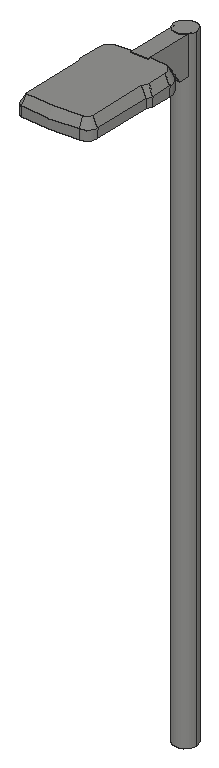
Revit family "VP-2-AD_U", category Lighting Fixtures, host Face, Revit 2019
Family settings
  Host = Face
  Round Connector Dimension = Use Diameter
  Part Type = Normal
  OmniClass Number = 23.80.70.11.14.17
  OmniClass Title = Direct/Indirect
  Cut with Voids When Loaded = No
  Light Source = No
  Shared = Yes
  Room Calculation Point = No
Parameters (values of type "VP-2-AD4U")
  Wattage Comments = "168 W"  # constant formula
  Warranty = "Five year warranty"  # constant formula
  Voltage = 120 V
  URL = "https://www.currentlighting.com/beacon"
  Type Comments = "Lighting Fixture"  # constant formula
  Size-2 = SIZE2-ADU : SIZE2-ADU
  Product Page URL = "https://www.currentlighting.com/outdoor-lighting/viper-area-size-2/9606404"
  Product Documentation Link = "https://cdn.currentlighting.com/site/specsheet/BEA_VIPERSPEC.pdf"
  Power Factor = 0.9
  Pole Radius [instance] = Pole Size / 2  # 2.09"
  Pole Height [instance] = 120.00"
  Name = "Viper Area Size 2"  # constant formula
  Mounting Block Size [instance] = Pole Size - 1.00"  # 3.18"
  Model = "VP-1-AD4U"
  Matt Grey = MATT GREY
  Matt Black = Matt Black
  Manufacturer = "Current Lighting"  # constant formula
  Load Classification = Lighting
  Light Output = 12704.00 cd/m²
  Lamp = "LED"  # constant formula
  Grey = Grey
  Glass = Glass
  Pole Size [instance] = 4.18"
  Features = "Featuring two different optical technologies, Micro Strike and Strike Optics, which provide the best distribution patterns for retrofit or new construction\r\nVibration rated for high vibration applications including bridges and overpasses\r\nControl options including photo control, occupancy sensing, NX Lighting Controls, wiSCAPE and 7-Pin with networked controls\r\nMounting options include: Arm, Universal Arm, Adjustable Arm, Mast Arm, Decorative Arm, Knuckle, Trunnion, Wall\r\nDistribution options include: Auto Front Row, Type 2, Type 3, Type 4 Forward, Type 4 Wide, Type 5 Narrow, Type 5 Medium, Type 5 Wide, Type 5 Rectangular, Corner Optic, and Tennis Court\r\n\r\n"  # constant formula
  Copyright = "© 2022 Current Lighting"  # constant formula
  Cool Grey = Cool Grey
  Contact Us = "https://www.currentlighting.com/contact-us"
  Certification = "UL"  # constant formula
  Description = "The Viper is an extremely versatile area/site luminaire which blends design, performance, and technology for a variety of applications."  # constant formula
  Default Elevation = 48.00"
  Finish = Arctic White
  Matt White = Matt White
  CRI = "70"  # constant formula
  Brand = "Beacon"  # constant formula
  Assembly Code = "D5020200"
  Apparent Load = 168 VA  # constant formula
Reference planes (in)
  plane 1 "Center (Front/Back)": y = 6.16697
  plane 2: z = 0
  plane 3 "Center (Left/Right)": x = 0
  plane 4: z = 3.75
  plane 5: z = -4.44
  plane 6: x = -2.09
  plane 7: x = 2.09
  plane 8: y = 4.07697
  plane 9: y = 8.25697
  plane 10: z = 120
Forms (in)
  Extrusion 1, solid, material "Cool Grey" <- "Cool Grey"
    sketch origin (0, 0, 0) x (1, 0, 0) y (0, 1, 0)
      loop
        circle (0, 6.16697) r 2.09
    from 0 to 120
Lines and regions (in)
  reference lines
    curve 1: line (0, 14.76606, -3.25) -> (0, 17.76606, -0.25)
    curve 2: line (0, -2.43213, -3.25) -> (0, 14.76606, -3.25)
    curve 3: line (0, -5.43213, -0.25) -> (0, -2.43213, -3.25)
    curve 4: line (0, 14.76606, -3.25) -> (0, 17.76606, -0.25)
    curve 5: line (0, -5.43213, -0.25) -> (0, 17.76606, -0.25)
    curve 6: line (0, 17.51606, -0.77432) -> (0, 18.26606, -0.77432)
    curve 7: line (0, 17.51606, -1.52432) -> (0, 17.51606, -0.77432)
    curve 8: line (0, 17.03614, -1.52432) -> (0, 17.51606, -1.52432)
    curve 9: line (0, 15.26606, -4.25) -> (0, 17.03614, -1.52432)
    curve 10: line (0, -4.7022, -1.52432) -> (0, -2.93213, -4.25)
    curve 11: line (0, -5.18213, -1.52432) -> (0, -4.7022, -1.52432)
    curve 12: line (0, -5.18213, -0.77432) -> (0, -5.18213, -1.52432)
    curve 13: line (0, -5.93213, -0.77432) -> (0, -5.18213, -0.77432)
Dimensions and locks (in)
  plane 4 to plane 2 = 3.75"
  "Pole Size": plane 8 to plane 9
  equal spacing: plane 8, plane 1 "Center (Front/Back)", plane 9
  equal spacing: plane 6, plane 3 "Center (Left/Right)", plane 7
  "Pole Size": plane 6 to plane 7
  "Pole Height": plane 10 to plane 2
  "Pole Radius": radius of Extrusion 1 sketch curve
  aligned and locked: plane 2 to host face
  aligned and locked: level to host face
  aligned and locked: plane 10 to Extrusion 1
  aligned and locked: plane 3 "Center (Left/Right)" to nested 1
  aligned and locked: nested 1 to plane 10
Automatic sketch dimensions
  host sketch curve to host sketch curve = 96.00"
  host sketch curve to host sketch curve = 85.00"
  curve 3 to level = 0.25"
  plane 8 to curve 3 = 9.50909"
  curve 3 to curve 12 = 0.25"
  curve 11 to curve 11 = 0.47992"
  curve 2 to plane 5 = 1.19"
  curve 10 to curve 2 = 2.27008"
  curve 1 to plane 9 = 6.50909"
  curve 9 to level = 1.52432"
  curve 1 to curve 9 = 2.27008"
  curve 8 to curve 8 = 0.47992"
  curve 6 to curve 4 = 0.25"
  curve 10 to curve 3 = 1.27432"
  curve 7 to curve 1 = 0.52432"
  curve 12 to curve 3 = 0.52432"
  curve 13 to curve 3 = 0.50"
  curve 10 to plane 5 = 0.19"
  curve 10 to curve 2 = 0.50"
  curve 9 to plane 5 = 0.19"
  curve 1 to curve 9 = 0.50"
  curve 1 to curve 6 = 0.50"
  plane 1 "Center (Front/Back)" to Extrusion 1 sketch curve = 0.00"
  Extrusion 1 sketch curve to plane 3 "Center (Left/Right)" = 0.00"
Nested families (in)
  nested 1: "SIZE2-ADU" at (0, 4.07697, 118.26) x (1, 0, 0) z (0, -1, 0), type <- "Size-2", type "SIZE2-ADU"
    with Mounting Base Width 3.18"
Connectors (in)
  electrical at (0, 6.16697, 0), driven by "Power Factor", driven by "Apparent Load", driven by "Voltage"
    settings: on Extrusion 1, index 1, voltage 120 V, apparent load 168 VA, apparent load phase1 0 VA, apparent load phase2 0 VA, apparent load phase3 0 VA, power factor 0.9, load classification "Other", number of poles 1, system type 30, power factor state 1, is connector primary yes, connector utility no, sub classification motor no, connector description "Light Fixture"
Definition of nested family "SIZE2-ADU"
  Parameters (values of type "SIZE2-ADU")
    Width = 14.38"
    Wattage = 168 W
    built-in parameter 1150110 = 1 (stored number, unit not read)
    built-in parameter 1114217 = 1 (stored number, unit not read)
    Tilt Angle = 160.00°
    built-in parameter 1150109 = 1 (stored number, unit not read)
    built-in parameter 1150134 = 3
    built-in parameter 1150113 = 1 (stored number, unit not read)
    Photometric Web File = "VP-2-320L-170-3K7-4-BC.ies"
    Mounting Base Width = 3.00"
    Mount Length = 7.50"
    built-in parameter 1150105 = 1016 (stored number, unit not read)
    Lumens = 12768 lm
    built-in parameter 1150115 = 1 (stored number, unit not read)
    built-in parameter 1150137 = (empty or 0)
    built-in parameter 1150139 = (empty or 0)
    Length = 21.88"
    built-in parameter 1150112 = 1 (stored number, unit not read)
    built-in parameter 1150114 = 1 (stored number, unit not read)
    built-in parameter 1150132 = (empty or 0)
    built-in parameter 1150102 = (empty or 0)
    built-in parameter 1150107 = 3200 (stored number, unit not read)
    built-in parameter 1150138 = (empty or 0)
    built-in parameter 1150106 = 10.16 (stored number, unit not read)
    Glass = none
    Fixture = none
    built-in parameter 1150104 = 7.0606 (stored number, unit not read)
    Dimming Lamp Color Temperature Shift = (empty or 0)
    Default Elevation = 48.00"
    Color Filter = 16777215
    built-in parameter 1114218 = 1 (stored number, unit not read)
    built-in parameter 1150133 = 10 (stored number, unit not read)
  Reference planes (in)
    plane 1 "Center (Front/Back)": y = 0
    plane 2: z = 0
    plane 3 "Center (Left/Right)": x = 0
    plane 4: x = 7.19
    plane 5: x = -7.19
    plane 6: z = 7.5
    plane 7: z = 29.38
    plane 8: y = -1.74
    plane 9: y = 1.74
    plane 10: x = -1.5
    plane 11: x = 1.5
  Forms (in)
    Extrusion 1, solid
      sketch origin (0, 0, 0) x (1, 0, 0) y (0, 1, 0)
        loop
          line (-48, 48) -> (-48, -48) -> (48, -48) -> (48, 48) -> (-48, 48)
      from 0 to -12
    Extrusion 2, solid, material <- "Fixture"
      sketch origin (0, 0, 2.5) x (1, 0, 0) y (0, 0, 1)
        loop
          line (-6.90972, 13.22202) -> (-7.315, 12.17799) -> (-7.315, 8.14521)
          arc (-7.315, 8.14521) -> (-6.65907, 6.18733) -> (-4.95604, 5.01974) r 3.25
          arc (-4.95604, 5.01974) -> (0, 4.60164) -> (4.95604, 5.01974) r 29.58274
          arc (4.95604, 5.01974) -> (6.65907, 6.18733) -> (7.315, 8.14521) r 3.25
          line (7.315, 8.14521) -> (7.315, 12.17799) -> (6.8775, 13.30502) -> (6.8775, 24.46879)
          arc (6.8775, 24.46879) -> (6.31653, 25.85775) -> (4.9483, 26.46754) r 2
          arc (4.9483, 26.46754) -> (-0.47287, 26.80918) -> (-5.88692, 26.36884) r 37.73107
          arc (-5.88692, 26.36884) -> (-6.62058, 25.93919) -> (-6.90972, 25.13966) r 1.25
          line (-6.90972, 25.13966) -> (-6.90972, 13.22202)
      from 0 to 1.74
    Extrusion 3, void
      sketch origin (0, 0, 3.625) x (1, 0, 0) y (0, 0, 1)
        loop
          line (-5.94707, 9.88637) -> (-5.94707, 8.88637)
          arc (-5.94707, 8.88637) -> (-0.00354, 7.88584) -> (5.94, 8.88637) r 18.15382
          line (5.94, 8.88637) -> (5.94, 9.88637)
          arc (5.94, 9.88637) -> (-0.00354, 8.88584) -> (-5.94707, 9.88637) r 18.15382
        loop
          line (-5.85535, 7.87828) -> (-5.85535, 7.60486)
          arc (-5.85535, 7.60486) -> (0.0002, 6.63584) -> (5.85535, 7.60727) r 18.15382
          line (5.85535, 7.60727) -> (5.85535, 7.88068)
          arc (5.85535, 7.88068) -> (0.0002, 6.91466) -> (-5.85535, 7.87828) r 18.25
        loop
          line (-5.85535, 7.12828) -> (-5.85535, 6.85486)
          arc (-5.85535, 6.85486) -> (0.0002, 5.88584) -> (5.85535, 6.85727) r 18.15382
          line (5.85535, 6.85727) -> (5.85535, 7.13068)
          arc (5.85535, 7.13068) -> (0.0002, 6.16466) -> (-5.85535, 7.12828) r 18.25
      from 1 to 1.75
    Blend 4, solid, material <- "Fixture"
      base sketch origin (0, 0, 2.5) x (1, 0, 0) y (0, 0, 1)
        loop
          arc (6.8775, 24.46879) -> (6.31653, 25.85775) -> (4.9483, 26.46754) r 2
          arc (4.9483, 26.46754) -> (-0.47287, 26.80918) -> (-5.88692, 26.36884) r 37.73107
          arc (-5.88692, 26.36884) -> (-6.62058, 25.93919) -> (-6.90972, 25.13966) r 1.25
          line (-6.90972, 25.13966) -> (-6.90972, 13.22202) -> (-7.315, 12.17799) -> (-7.315, 8.14521)
          arc (-7.315, 8.14521) -> (-6.65907, 6.18733) -> (-4.95604, 5.01974) r 3.25
          arc (-4.95604, 5.01974) -> (0, 4.60164) -> (4.95604, 5.01974) r 29.58274
          arc (4.95604, 5.01974) -> (6.65907, 6.18733) -> (7.315, 8.14521) r 3.25
          line (7.315, 8.14521) -> (7.315, 12.17799) -> (6.8775, 13.30502) -> (6.8775, 24.46879)
      top sketch origin (0, 0, 2.5) x (1, 0, 0) y (0, 0, 1)
        loop
          arc (5.8775, 24.46879) -> (5.58249, 25.17801) -> (4.87152, 25.46878) r 1
          arc (4.87152, 25.46878) -> (-0.42416, 25.80959) -> (-5.71369, 25.38377) r 36.73111
          arc (-5.71369, 25.38377) -> (-5.85465, 25.2962) -> (-5.90972, 25.13966) r 0.25
          line (-5.90972, 25.13966) -> (-5.90972, 13.03474) -> (-6.315, 11.99071) -> (-6.315, 8.14521)
          arc (-6.315, 8.14521) -> (-5.87115, 6.80345) -> (-4.71471, 5.99106) r 2.25
          arc (-4.71471, 5.99106) -> (0, 5.59956) -> (4.71471, 5.99106) r 28.58482
          arc (4.71471, 5.99106) -> (5.87115, 6.80345) -> (6.315, 8.14521) r 2.25
          line (6.315, 8.14521) -> (6.315, 11.99071) -> (5.8775, 13.11774) -> (5.8775, 24.46879)
      from 0 to -1.74
    Extrusion 5, void
      sketch origin (0, 0, 2.5) x (1, 0, 0) y (0, 0, 1)
        loop
          arc (-5.91108, 12.63948) -> (0.07704, 12.98149) -> (6.065, 12.63674) r 52.38328
          line (6.065, 12.63674) -> (6.065, 24.56182) -> (-5.91108, 24.56182) -> (-5.91108, 12.63948)
      from 1 to 1.75
    Extrusion 6, solid, material <- "Glass"
      sketch origin (0, 0, 2.25) x (1, 0, 0) y (0, 0, 1)
        loop
          arc (-5.06487, 24.56182) -> (-5.31236, 24.45931) -> (-5.41487, 24.21182) r 0.35
          line (-5.41487, 24.21182) -> (-5.41487, 19.16182)
          arc (-5.41487, 19.16182) -> (-5.31236, 18.91434) -> (-5.06487, 18.81182) r 0.35
          line (-5.06487, 18.81182) -> (5.11803, 18.81182)
          arc (5.11803, 18.81182) -> (5.36552, 18.91434) -> (5.46803, 19.16182) r 0.35
          line (5.46803, 19.16182) -> (5.46803, 24.21182)
          arc (5.46803, 24.21182) -> (5.36552, 24.45931) -> (5.11803, 24.56182) r 0.35
          line (5.11803, 24.56182) -> (-5.06487, 24.56182)
      from 1 to 1.35
    Extrusion 7, solid, material <- "Glass"
      sketch origin (0, 0, 2.25) x (1, 0, 0) y (0, 0, 1)
        loop
          circle (-4.85829, 23.73694) r 0.15
        loop
          circle (-4.33955, 23.73694) r 0.15
        loop
          circle (-3.8208, 23.73694) r 0.15
        loop
          circle (-3.30205, 23.73694) r 0.15
        loop
          circle (-2.7833, 23.73694) r 0.15
        loop
          circle (-2.26455, 23.73694) r 0.15
        loop
          circle (-1.7458, 23.73694) r 0.15
        loop
          circle (-1.22705, 23.73694) r 0.15
        loop
          circle (-0.70831, 23.73694) r 0.15
        loop
          circle (-4.85829, 23.23694) r 0.15
        loop
          circle (-4.33955, 23.23694) r 0.15
        loop
          circle (-3.8208, 23.23694) r 0.15
        loop
          circle (-3.30205, 23.23694) r 0.15
        loop
          circle (-2.7833, 23.23694) r 0.15
        loop
          circle (-2.26455, 23.23694) r 0.15
        loop
          circle (-1.7458, 23.23694) r 0.15
        loop
          circle (-1.22705, 23.23694) r 0.15
        loop
          circle (-0.70831, 23.23694) r 0.15
        loop
          circle (-4.85829, 22.73694) r 0.15
        loop
          circle (-4.33955, 22.73694) r 0.15
        loop
          circle (-3.8208, 22.73694) r 0.15
        loop
          circle (-3.30205, 22.73694) r 0.15
        loop
          circle (-2.7833, 22.73694) r 0.15
        loop
          circle (-2.26455, 22.73694) r 0.15
        loop
          circle (-1.7458, 22.73694) r 0.15
        loop
          circle (-1.22705, 22.73694) r 0.15
        loop
          circle (-0.70831, 22.73694) r 0.15
        loop
          circle (-4.85829, 22.23694) r 0.15
        loop
          circle (-4.33955, 22.23694) r 0.15
        loop
          circle (-3.8208, 22.23694) r 0.15
        loop
          circle (-3.30205, 22.23694) r 0.15
        loop
          circle (-2.7833, 22.23694) r 0.15
        loop
          circle (-2.26455, 22.23694) r 0.15
        loop
          circle (-1.7458, 22.23694) r 0.15
        loop
          circle (-1.22705, 22.23694) r 0.15
        loop
          circle (-0.70831, 22.23694) r 0.15
        loop
          circle (-4.85829, 21.73694) r 0.15
        loop
          circle (-4.33955, 21.73694) r 0.15
        loop
          circle (-3.8208, 21.73694) r 0.15
        loop
          circle (-3.30205, 21.73694) r 0.15
        loop
          circle (-2.7833, 21.73694) r 0.15
        loop
          circle (-2.26455, 21.73694) r 0.15
        loop
          circle (-1.7458, 21.73694) r 0.15
        loop
          circle (-1.22705, 21.73694) r 0.15
        loop
          circle (-0.70831, 21.73694) r 0.15
        loop
          circle (-4.85829, 21.23694) r 0.15
        loop
          circle (-4.33955, 21.23694) r 0.15
        loop
          circle (-3.8208, 21.23694) r 0.15
        loop
          circle (-3.30205, 21.23694) r 0.15
        loop
          circle (-2.7833, 21.23694) r 0.15
        loop
          circle (-2.26455, 21.23694) r 0.15
        loop
          circle (-1.7458, 21.23694) r 0.15
        loop
          circle (-1.22705, 21.23694) r 0.15
        loop
          circle (-0.70831, 21.23694) r 0.15
        loop
          circle (-4.85829, 20.73694) r 0.15
        loop
          circle (-4.33955, 20.73694) r 0.15
        loop
          circle (-3.8208, 20.73694) r 0.15
        loop
          circle (-3.30205, 20.73694) r 0.15
        loop
          circle (-2.7833, 20.73694) r 0.15
        loop
          circle (-2.26455, 20.73694) r 0.15
        loop
          circle (-1.7458, 20.73694) r 0.15
        loop
          circle (-1.22705, 20.73694) r 0.15
        loop
          circle (-0.70831, 20.73694) r 0.15
        loop
          circle (-4.85829, 20.23694) r 0.15
        loop
          circle (-4.33955, 20.23694) r 0.15
        loop
          circle (-3.8208, 20.23694) r 0.15
        loop
          circle (-3.30205, 20.23694) r 0.15
        loop
          circle (-2.7833, 20.23694) r 0.15
        loop
          circle (-2.26455, 20.23694) r 0.15
        loop
          circle (-1.7458, 20.23694) r 0.15
        loop
          circle (-1.22705, 20.23694) r 0.15
        loop
          circle (-0.70831, 20.23694) r 0.15
        loop
          circle (-4.85829, 19.73694) r 0.15
        loop
          circle (-4.33955, 19.73694) r 0.15
        loop
          circle (-3.8208, 19.73694) r 0.15
        loop
          circle (-3.30205, 19.73694) r 0.15
        loop
          circle (-2.7833, 19.73694) r 0.15
        loop
          circle (-2.26455, 19.73694) r 0.15
        loop
          circle (-1.7458, 19.73694) r 0.15
        loop
          circle (-1.22705, 19.73694) r 0.15
        loop
          circle (-0.70831, 19.73694) r 0.15
      from 1.35 to 1.4
    Extrusion 8, solid, material <- "Glass"
      sketch origin (0, 0, 2.25) x (-1, 0, 0) y (0, 0, -1)
        loop
          circle (-4.85829, -23.73694) r 0.15
        loop
          circle (-4.33955, -23.73694) r 0.15
        loop
          circle (-3.8208, -23.73694) r 0.15
        loop
          circle (-3.30205, -23.73694) r 0.15
        loop
          circle (-2.7833, -23.73694) r 0.15
        loop
          circle (-2.26455, -23.73694) r 0.15
        loop
          circle (-1.7458, -23.73694) r 0.15
        loop
          circle (-1.22705, -23.73694) r 0.15
        loop
          circle (-0.70831, -23.73694) r 0.15
        loop
          circle (-4.85829, -23.23694) r 0.15
        loop
          circle (-4.33955, -23.23694) r 0.15
        loop
          circle (-3.8208, -23.23694) r 0.15
        loop
          circle (-3.30205, -23.23694) r 0.15
        loop
          circle (-2.7833, -23.23694) r 0.15
        loop
          circle (-2.26455, -23.23694) r 0.15
        loop
          circle (-1.7458, -23.23694) r 0.15
        loop
          circle (-1.22705, -23.23694) r 0.15
        loop
          circle (-0.70831, -23.23694) r 0.15
        loop
          circle (-4.85829, -22.73694) r 0.15
        loop
          circle (-4.33955, -22.73694) r 0.15
        loop
          circle (-3.8208, -22.73694) r 0.15
        loop
          circle (-3.30205, -22.73694) r 0.15
        loop
          circle (-2.7833, -22.73694) r 0.15
        loop
          circle (-2.26455, -22.73694) r 0.15
        loop
          circle (-1.7458, -22.73694) r 0.15
        loop
          circle (-1.22705, -22.73694) r 0.15
        loop
          circle (-0.70831, -22.73694) r 0.15
        loop
          circle (-4.85829, -22.23694) r 0.15
        loop
          circle (-4.33955, -22.23694) r 0.15
        loop
          circle (-3.8208, -22.23694) r 0.15
        loop
          circle (-3.30205, -22.23694) r 0.15
        loop
          circle (-2.7833, -22.23694) r 0.15
        loop
          circle (-2.26455, -22.23694) r 0.15
        loop
          circle (-1.7458, -22.23694) r 0.15
        loop
          circle (-1.22705, -22.23694) r 0.15
        loop
          circle (-0.70831, -22.23694) r 0.15
        loop
          circle (-4.85829, -21.73694) r 0.15
        loop
          circle (-4.33955, -21.73694) r 0.15
        loop
          circle (-3.8208, -21.73694) r 0.15
        loop
          circle (-3.30205, -21.73694) r 0.15
        loop
          circle (-2.7833, -21.73694) r 0.15
        loop
          circle (-2.26455, -21.73694) r 0.15
        loop
          circle (-1.7458, -21.73694) r 0.15
        loop
          circle (-1.22705, -21.73694) r 0.15
        loop
          circle (-0.70831, -21.73694) r 0.15
        loop
          circle (-4.85829, -21.23694) r 0.15
        loop
          circle (-4.33955, -21.23694) r 0.15
        loop
          circle (-3.8208, -21.23694) r 0.15
        loop
          circle (-3.30205, -21.23694) r 0.15
        loop
          circle (-2.7833, -21.23694) r 0.15
        loop
          circle (-2.26455, -21.23694) r 0.15
        loop
          circle (-1.7458, -21.23694) r 0.15
        loop
          circle (-1.22705, -21.23694) r 0.15
        loop
          circle (-0.70831, -21.23694) r 0.15
        loop
          circle (-4.85829, -20.73694) r 0.15
        loop
          circle (-4.33955, -20.73694) r 0.15
        loop
          circle (-3.8208, -20.73694) r 0.15
        loop
          circle (-3.30205, -20.73694) r 0.15
        loop
          circle (-2.7833, -20.73694) r 0.15
        loop
          circle (-2.26455, -20.73694) r 0.15
        loop
          circle (-1.7458, -20.73694) r 0.15
        loop
          circle (-1.22705, -20.73694) r 0.15
        loop
          circle (-0.70831, -20.73694) r 0.15
        loop
          circle (-4.85829, -20.23694) r 0.15
        loop
          circle (-4.33955, -20.23694) r 0.15
        loop
          circle (-3.8208, -20.23694) r 0.15
        loop
          circle (-3.30205, -20.23694) r 0.15
        loop
          circle (-2.7833, -20.23694) r 0.15
        loop
          circle (-2.26455, -20.23694) r 0.15
        loop
          circle (-1.7458, -20.23694) r 0.15
        loop
          circle (-1.22705, -20.23694) r 0.15
        loop
          circle (-0.70831, -20.23694) r 0.15
        loop
          circle (-4.85829, -19.73694) r 0.15
        loop
          circle (-4.33955, -19.73694) r 0.15
        loop
          circle (-3.8208, -19.73694) r 0.15
        loop
          circle (-3.30205, -19.73694) r 0.15
        loop
          circle (-2.7833, -19.73694) r 0.15
        loop
          circle (-2.26455, -19.73694) r 0.15
        loop
          circle (-1.7458, -19.73694) r 0.15
        loop
          circle (-1.22705, -19.73694) r 0.15
        loop
          circle (-0.70831, -19.73694) r 0.15
      from 1.35 to 1.4
    Extrusion 9, solid, material <- "Glass"
      sketch origin (0, 0, 2.25) x (1, 0, 0) y (0, 0, 1)
        loop
          arc (-5.04655, 24.2409) -> (-5.22333, 24.16768) -> (-5.29655, 23.9909) r 0.25
          line (-5.29655, 23.9909) -> (-5.29655, 19.4909)
          arc (-5.29655, 19.4909) -> (-5.22333, 19.31412) -> (-5.04655, 19.2409) r 0.25
          line (-5.04655, 19.2409) -> (-0.54655, 19.2409)
          arc (-0.54655, 19.2409) -> (-0.36977, 19.31412) -> (-0.29655, 19.4909) r 0.25
          line (-0.29655, 19.4909) -> (-0.29655, 23.9909)
          arc (-0.29655, 23.9909) -> (-0.36977, 24.16768) -> (-0.54655, 24.2409) r 0.25
          line (-0.54655, 24.2409) -> (-5.04655, 24.2409)
      from 1.35 to 1.37213
    Extrusion 10, solid, material <- "Glass"
      sketch origin (0, 0, 2.25) x (-1, 0, 0) y (0, 0, -1)
        loop
          line (-5.04655, -24.2409) -> (-0.54655, -24.2409)
          arc (-0.54655, -24.2409) -> (-0.36977, -24.16768) -> (-0.29655, -23.9909) r 0.25
          line (-0.29655, -23.9909) -> (-0.29655, -19.4909)
          arc (-0.29655, -19.4909) -> (-0.36977, -19.31412) -> (-0.54655, -19.2409) r 0.25
          line (-0.54655, -19.2409) -> (-5.04655, -19.2409)
          arc (-5.04655, -19.2409) -> (-5.22333, -19.31412) -> (-5.29655, -19.4909) r 0.25
          line (-5.29655, -19.4909) -> (-5.29655, -23.9909)
          arc (-5.29655, -23.9909) -> (-5.22333, -24.16768) -> (-5.04655, -24.2409) r 0.25
      from 1.35 to 1.37213
    Extrusion 11, solid, material <- "Fixture"
      sketch origin (0.125, 0, 2.125) x (1, 0, 0) y (0, 1, 0)
        loop
          line (5.34818, -1) -> (5.34818, -1.20146)
          arc (5.34818, -1.20146) -> (5.35492, -1.23973) -> (5.37436, -1.27339) r 0.1119
          line (5.37436, -1.27339) -> (5.73492, -1.70309)
          arc (5.73492, -1.70309) -> (5.76289, -1.72455) -> (5.79732, -1.73219) r 0.08147
          line (5.79732, -1.73219) -> (5.94, -1.73219) -> (5.94, -1) -> (5.34818, -1)
      from 18.55 to 18.65
    Extrusion 12, solid, material <- "Fixture"
      sketch origin (0.125, 0, 1.22261) x (1, 0, 0) y (0, 1, 0)
        loop
          line (5.34818, -1) -> (5.34818, -1.20146)
          arc (5.34818, -1.20146) -> (5.35492, -1.23973) -> (5.37436, -1.27339) r 0.1119
          line (5.37436, -1.27339) -> (5.73492, -1.70309)
          arc (5.73492, -1.70309) -> (5.76289, -1.72455) -> (5.79732, -1.73219) r 0.08147
          line (5.79732, -1.73219) -> (5.94, -1.73219) -> (5.94, -1) -> (5.34818, -1)
      from 18.55 to 18.65
    Extrusion 13, solid, material <- "Fixture"
      sketch origin (0.125, 0, 0.33079) x (1, 0, 0) y (0, 1, 0)
        loop
          line (5.34818, -1) -> (5.34818, -1.20146)
          arc (5.34818, -1.20146) -> (5.35492, -1.23973) -> (5.37436, -1.27339) r 0.1119
          line (5.37436, -1.27339) -> (5.73492, -1.70309)
          arc (5.73492, -1.70309) -> (5.76289, -1.72455) -> (5.79732, -1.73219) r 0.08147
          line (5.79732, -1.73219) -> (5.94, -1.73219) -> (5.94, -1) -> (5.34818, -1)
      from 18.55 to 18.65
    Extrusion 14, solid, material <- "Fixture"
      sketch origin (0.125, 0, -0.56103) x (1, 0, 0) y (0, 1, 0)
        loop
          line (5.34818, -1) -> (5.34818, -1.20146)
          arc (5.34818, -1.20146) -> (5.35492, -1.23973) -> (5.37436, -1.27339) r 0.1119
          line (5.37436, -1.27339) -> (5.73492, -1.70309)
          arc (5.73492, -1.70309) -> (5.76289, -1.72455) -> (5.79732, -1.73219) r 0.08147
          line (5.79732, -1.73219) -> (5.94, -1.73219) -> (5.94, -1) -> (5.34818, -1)
      from 18.55 to 18.65
    Extrusion 15, solid, material <- "Fixture"
      sketch origin (0.125, 0, -1.45181) x (1, 0, 0) y (0, 1, 0)
        loop
          line (5.34818, -1) -> (5.34818, -1.20146)
          arc (5.34818, -1.20146) -> (5.35492, -1.23973) -> (5.37436, -1.27339) r 0.1119
          line (5.37436, -1.27339) -> (5.73492, -1.70309)
          arc (5.73492, -1.70309) -> (5.76289, -1.72455) -> (5.79732, -1.73219) r 0.08147
          line (5.79732, -1.73219) -> (5.94, -1.73219) -> (5.94, -1) -> (5.34818, -1)
      from 18.55 to 18.65
    Extrusion 16, solid, material <- "Fixture"
      sketch origin (-0.125, 0, 2.125) x (-1, 0, 0) y (0, -1, 0)
        loop
          line (5.34818, 1) -> (5.94, 1) -> (5.94, 1.73219) -> (5.79732, 1.73219)
          arc (5.79732, 1.73219) -> (5.76289, 1.72455) -> (5.73492, 1.70309) r 0.08147
          line (5.73492, 1.70309) -> (5.37436, 1.27339)
          arc (5.37436, 1.27339) -> (5.35492, 1.23973) -> (5.34818, 1.20146) r 0.1119
          line (5.34818, 1.20146) -> (5.34818, 1)
      from 18.55 to 18.65
    Extrusion 17, solid, material <- "Fixture"
      sketch origin (-0.125, 0, 1.22261) x (-1, 0, 0) y (0, -1, 0)
        loop
          line (5.34818, 1) -> (5.94, 1) -> (5.94, 1.73219) -> (5.79732, 1.73219)
          arc (5.79732, 1.73219) -> (5.76289, 1.72455) -> (5.73492, 1.70309) r 0.08147
          line (5.73492, 1.70309) -> (5.37436, 1.27339)
          arc (5.37436, 1.27339) -> (5.35492, 1.23973) -> (5.34818, 1.20146) r 0.1119
          line (5.34818, 1.20146) -> (5.34818, 1)
      from 18.55 to 18.65
    Extrusion 18, solid, material <- "Fixture"
      sketch origin (-0.125, 0, 0.33079) x (-1, 0, 0) y (0, -1, 0)
        loop
          line (5.34818, 1) -> (5.94, 1) -> (5.94, 1.73219) -> (5.79732, 1.73219)
          arc (5.79732, 1.73219) -> (5.76289, 1.72455) -> (5.73492, 1.70309) r 0.08147
          line (5.73492, 1.70309) -> (5.37436, 1.27339)
          arc (5.37436, 1.27339) -> (5.35492, 1.23973) -> (5.34818, 1.20146) r 0.1119
          line (5.34818, 1.20146) -> (5.34818, 1)
      from 18.55 to 18.65
    Extrusion 19, solid, material <- "Fixture"
      sketch origin (-0.125, 0, -0.56103) x (-1, 0, 0) y (0, -1, 0)
        loop
          line (5.34818, 1) -> (5.94, 1) -> (5.94, 1.73219) -> (5.79732, 1.73219)
          arc (5.79732, 1.73219) -> (5.76289, 1.72455) -> (5.73492, 1.70309) r 0.08147
          line (5.73492, 1.70309) -> (5.37436, 1.27339)
          arc (5.37436, 1.27339) -> (5.35492, 1.23973) -> (5.34818, 1.20146) r 0.1119
          line (5.34818, 1.20146) -> (5.34818, 1)
      from 18.55 to 18.65
    Extrusion 20, solid, material <- "Fixture"
      sketch origin (-0.125, 0, -1.45181) x (-1, 0, 0) y (0, -1, 0)
        loop
          line (5.34818, 1) -> (5.94, 1) -> (5.94, 1.73219) -> (5.79732, 1.73219)
          arc (5.79732, 1.73219) -> (5.76289, 1.72455) -> (5.73492, 1.70309) r 0.08147
          line (5.73492, 1.70309) -> (5.37436, 1.27339)
          arc (5.37436, 1.27339) -> (5.35492, 1.23973) -> (5.34818, 1.20146) r 0.1119
          line (5.34818, 1.20146) -> (5.34818, 1)
      from 18.55 to 18.65
    Extrusion 21, solid, material <- "Fixture"
      sketch origin (0.125, 0, 7.25) x (1, 0, 0) y (0, 1, 0)
        loop
          line (5.34818, -1) -> (5.34818, -1.20146)
          arc (5.34818, -1.20146) -> (5.35492, -1.23973) -> (5.37436, -1.27339) r 0.1119
          line (5.37436, -1.27339) -> (5.73492, -1.70309)
          arc (5.73492, -1.70309) -> (5.76289, -1.72455) -> (5.79732, -1.73219) r 0.08147
          line (5.79732, -1.73219) -> (5.94, -1.73219) -> (5.94, -1) -> (5.34818, -1)
      from 18.55 to 18.65
    Extrusion 22, solid, material <- "Fixture"
      sketch origin (0.125, 0, 6.34761) x (1, 0, 0) y (0, 1, 0)
        loop
          line (5.34818, -1) -> (5.34818, -1.20146)
          arc (5.34818, -1.20146) -> (5.35492, -1.23973) -> (5.37436, -1.27339) r 0.1119
          line (5.37436, -1.27339) -> (5.73492, -1.70309)
          arc (5.73492, -1.70309) -> (5.76289, -1.72455) -> (5.79732, -1.73219) r 0.08147
          line (5.79732, -1.73219) -> (5.94, -1.73219) -> (5.94, -1) -> (5.34818, -1)
      from 18.55 to 18.65
    Extrusion 23, solid, material <- "Fixture"
      sketch origin (0.125, 0, 5.45579) x (1, 0, 0) y (0, 1, 0)
        loop
          line (5.34818, -1) -> (5.34818, -1.20146)
          arc (5.34818, -1.20146) -> (5.35492, -1.23973) -> (5.37436, -1.27339) r 0.1119
          line (5.37436, -1.27339) -> (5.73492, -1.70309)
          arc (5.73492, -1.70309) -> (5.76289, -1.72455) -> (5.79732, -1.73219) r 0.08147
          line (5.79732, -1.73219) -> (5.94, -1.73219) -> (5.94, -1) -> (5.34818, -1)
      from 18.55 to 18.65
    Extrusion 24, solid, material <- "Fixture"
      sketch origin (0.125, 0, 4.56397) x (1, 0, 0) y (0, 1, 0)
        loop
          line (5.34818, -1) -> (5.34818, -1.20146)
          arc (5.34818, -1.20146) -> (5.35492, -1.23973) -> (5.37436, -1.27339) r 0.1119
          line (5.37436, -1.27339) -> (5.73492, -1.70309)
          arc (5.73492, -1.70309) -> (5.76289, -1.72455) -> (5.79732, -1.73219) r 0.08147
          line (5.79732, -1.73219) -> (5.94, -1.73219) -> (5.94, -1) -> (5.34818, -1)
      from 18.55 to 18.65
    Extrusion 25, solid, material <- "Fixture"
      sketch origin (0.125, 0, 3.67319) x (1, 0, 0) y (0, 1, 0)
        loop
          line (5.34818, -1) -> (5.34818, -1.20146)
          arc (5.34818, -1.20146) -> (5.35492, -1.23973) -> (5.37436, -1.27339) r 0.1119
          line (5.37436, -1.27339) -> (5.73492, -1.70309)
          arc (5.73492, -1.70309) -> (5.76289, -1.72455) -> (5.79732, -1.73219) r 0.08147
          line (5.79732, -1.73219) -> (5.94, -1.73219) -> (5.94, -1) -> (5.34818, -1)
      from 18.55 to 18.65
    Extrusion 26, solid, material <- "Fixture"
      sketch origin (-0.125, 0, 7.25) x (-1, 0, 0) y (0, -1, 0)
        loop
          line (5.34818, 1) -> (5.94, 1) -> (5.94, 1.73219) -> (5.79732, 1.73219)
          arc (5.79732, 1.73219) -> (5.76289, 1.72455) -> (5.73492, 1.70309) r 0.08147
          line (5.73492, 1.70309) -> (5.37436, 1.27339)
          arc (5.37436, 1.27339) -> (5.35492, 1.23973) -> (5.34818, 1.20146) r 0.1119
          line (5.34818, 1.20146) -> (5.34818, 1)
      from 18.55 to 18.65
    Extrusion 27, solid, material <- "Fixture"
      sketch origin (-0.125, 0, 6.34761) x (-1, 0, 0) y (0, -1, 0)
        loop
          line (5.34818, 1) -> (5.94, 1) -> (5.94, 1.73219) -> (5.79732, 1.73219)
          arc (5.79732, 1.73219) -> (5.76289, 1.72455) -> (5.73492, 1.70309) r 0.08147
          line (5.73492, 1.70309) -> (5.37436, 1.27339)
          arc (5.37436, 1.27339) -> (5.35492, 1.23973) -> (5.34818, 1.20146) r 0.1119
          line (5.34818, 1.20146) -> (5.34818, 1)
      from 18.55 to 18.65
    Extrusion 28, solid, material <- "Fixture"
      sketch origin (-0.125, 0, 5.45579) x (-1, 0, 0) y (0, -1, 0)
        loop
          line (5.34818, 1) -> (5.94, 1) -> (5.94, 1.73219) -> (5.79732, 1.73219)
          arc (5.79732, 1.73219) -> (5.76289, 1.72455) -> (5.73492, 1.70309) r 0.08147
          line (5.73492, 1.70309) -> (5.37436, 1.27339)
          arc (5.37436, 1.27339) -> (5.35492, 1.23973) -> (5.34818, 1.20146) r 0.1119
          line (5.34818, 1.20146) -> (5.34818, 1)
      from 18.55 to 18.65
    Extrusion 29, solid, material <- "Fixture"
      sketch origin (-0.125, 0, 4.56397) x (-1, 0, 0) y (0, -1, 0)
        loop
          line (5.34818, 1) -> (5.94, 1) -> (5.94, 1.73219) -> (5.79732, 1.73219)
          arc (5.79732, 1.73219) -> (5.76289, 1.72455) -> (5.73492, 1.70309) r 0.08147
          line (5.73492, 1.70309) -> (5.37436, 1.27339)
          arc (5.37436, 1.27339) -> (5.35492, 1.23973) -> (5.34818, 1.20146) r 0.1119
          line (5.34818, 1.20146) -> (5.34818, 1)
      from 18.55 to 18.65
    Extrusion 30, solid, material <- "Fixture"
      sketch origin (-0.125, 0, 3.67319) x (-1, 0, 0) y (0, -1, 0)
        loop
          line (5.34818, 1) -> (5.94, 1) -> (5.94, 1.73219) -> (5.79732, 1.73219)
          arc (5.79732, 1.73219) -> (5.76289, 1.72455) -> (5.73492, 1.70309) r 0.08147
          line (5.73492, 1.70309) -> (5.37436, 1.27339)
          arc (5.37436, 1.27339) -> (5.35492, 1.23973) -> (5.34818, 1.20146) r 0.1119
          line (5.34818, 1.20146) -> (5.34818, 1)
      from 18.55 to 18.65
    Extrusion 31, solid, material <- "Glass"
      sketch origin (0, 0, -3.5) x (1, 0, 0) y (0, 0, 1)
        loop
          arc (-5.06487, 24.56182) -> (-5.31236, 24.45931) -> (-5.41487, 24.21182) r 0.35
          line (-5.41487, 24.21182) -> (-5.41487, 19.16182)
          arc (-5.41487, 19.16182) -> (-5.31236, 18.91434) -> (-5.06487, 18.81182) r 0.35
          line (-5.06487, 18.81182) -> (5.11803, 18.81182)
          arc (5.11803, 18.81182) -> (5.36552, 18.91434) -> (5.46803, 19.16182) r 0.35
          line (5.46803, 19.16182) -> (5.46803, 24.21182)
          arc (5.46803, 24.21182) -> (5.36552, 24.45931) -> (5.11803, 24.56182) r 0.35
          line (5.11803, 24.56182) -> (-5.06487, 24.56182)
      from 1 to 1.35
    Extrusion 32, solid, material <- "Glass"
      sketch origin (0, 0, -3.5) x (1, 0, 0) y (0, 0, 1)
        loop
          circle (-4.85829, 23.73694) r 0.15
        loop
          circle (-4.33955, 23.73694) r 0.15
        loop
          circle (-3.8208, 23.73694) r 0.15
        loop
          circle (-3.30205, 23.73694) r 0.15
        loop
          circle (-2.7833, 23.73694) r 0.15
        loop
          circle (-2.26455, 23.73694) r 0.15
        loop
          circle (-1.7458, 23.73694) r 0.15
        loop
          circle (-1.22705, 23.73694) r 0.15
        loop
          circle (-0.70831, 23.73694) r 0.15
        loop
          circle (-4.85829, 23.23694) r 0.15
        loop
          circle (-4.33955, 23.23694) r 0.15
        loop
          circle (-3.8208, 23.23694) r 0.15
        loop
          circle (-3.30205, 23.23694) r 0.15
        loop
          circle (-2.7833, 23.23694) r 0.15
        loop
          circle (-2.26455, 23.23694) r 0.15
        loop
          circle (-1.7458, 23.23694) r 0.15
        loop
          circle (-1.22705, 23.23694) r 0.15
        loop
          circle (-0.70831, 23.23694) r 0.15
        loop
          circle (-4.85829, 22.73694) r 0.15
        loop
          circle (-4.33955, 22.73694) r 0.15
        loop
          circle (-3.8208, 22.73694) r 0.15
        loop
          circle (-3.30205, 22.73694) r 0.15
        loop
          circle (-2.7833, 22.73694) r 0.15
        loop
          circle (-2.26455, 22.73694) r 0.15
        loop
          circle (-1.7458, 22.73694) r 0.15
        loop
          circle (-1.22705, 22.73694) r 0.15
        loop
          circle (-0.70831, 22.73694) r 0.15
        loop
          circle (-4.85829, 22.23694) r 0.15
        loop
          circle (-4.33955, 22.23694) r 0.15
        loop
          circle (-3.8208, 22.23694) r 0.15
        loop
          circle (-3.30205, 22.23694) r 0.15
        loop
          circle (-2.7833, 22.23694) r 0.15
        loop
          circle (-2.26455, 22.23694) r 0.15
        loop
          circle (-1.7458, 22.23694) r 0.15
        loop
          circle (-1.22705, 22.23694) r 0.15
        loop
          circle (-0.70831, 22.23694) r 0.15
        loop
          circle (-4.85829, 21.73694) r 0.15
        loop
          circle (-4.33955, 21.73694) r 0.15
        loop
          circle (-3.8208, 21.73694) r 0.15
        loop
          circle (-3.30205, 21.73694) r 0.15
        loop
          circle (-2.7833, 21.73694) r 0.15
        loop
          circle (-2.26455, 21.73694) r 0.15
        loop
          circle (-1.7458, 21.73694) r 0.15
        loop
          circle (-1.22705, 21.73694) r 0.15
        loop
          circle (-0.70831, 21.73694) r 0.15
        loop
          circle (-4.85829, 21.23694) r 0.15
        loop
          circle (-4.33955, 21.23694) r 0.15
        loop
          circle (-3.8208, 21.23694) r 0.15
        loop
          circle (-3.30205, 21.23694) r 0.15
        loop
          circle (-2.7833, 21.23694) r 0.15
        loop
          circle (-2.26455, 21.23694) r 0.15
        loop
          circle (-1.7458, 21.23694) r 0.15
        loop
          circle (-1.22705, 21.23694) r 0.15
        loop
          circle (-0.70831, 21.23694) r 0.15
        loop
          circle (-4.85829, 20.73694) r 0.15
        loop
          circle (-4.33955, 20.73694) r 0.15
        loop
          circle (-3.8208, 20.73694) r 0.15
        loop
          circle (-3.30205, 20.73694) r 0.15
        loop
          circle (-2.7833, 20.73694) r 0.15
        loop
          circle (-2.26455, 20.73694) r 0.15
        loop
          circle (-1.7458, 20.73694) r 0.15
        loop
          circle (-1.22705, 20.73694) r 0.15
        loop
          circle (-0.70831, 20.73694) r 0.15
        loop
          circle (-4.85829, 20.23694) r 0.15
        loop
          circle (-4.33955, 20.23694) r 0.15
        loop
          circle (-3.8208, 20.23694) r 0.15
        loop
          circle (-3.30205, 20.23694) r 0.15
        loop
          circle (-2.7833, 20.23694) r 0.15
        loop
          circle (-2.26455, 20.23694) r 0.15
        loop
          circle (-1.7458, 20.23694) r 0.15
        loop
          circle (-1.22705, 20.23694) r 0.15
        loop
          circle (-0.70831, 20.23694) r 0.15
        loop
          circle (-4.85829, 19.73694) r 0.15
        loop
          circle (-4.33955, 19.73694) r 0.15
        loop
          circle (-3.8208, 19.73694) r 0.15
        loop
          circle (-3.30205, 19.73694) r 0.15
        loop
          circle (-2.7833, 19.73694) r 0.15
        loop
          circle (-2.26455, 19.73694) r 0.15
        loop
          circle (-1.7458, 19.73694) r 0.15
        loop
          circle (-1.22705, 19.73694) r 0.15
        loop
          circle (-0.70831, 19.73694) r 0.15
      from 1.35 to 1.4
    Extrusion 33, solid, material <- "Glass"
      sketch origin (0, 0, -3.5) x (-1, 0, 0) y (0, 0, -1)
        loop
          circle (-4.85829, -23.73694) r 0.15
        loop
          circle (-4.33955, -23.73694) r 0.15
        loop
          circle (-3.8208, -23.73694) r 0.15
        loop
          circle (-3.30205, -23.73694) r 0.15
        loop
          circle (-2.7833, -23.73694) r 0.15
        loop
          circle (-2.26455, -23.73694) r 0.15
        loop
          circle (-1.7458, -23.73694) r 0.15
        loop
          circle (-1.22705, -23.73694) r 0.15
        loop
          circle (-0.70831, -23.73694) r 0.15
        loop
          circle (-4.85829, -23.23694) r 0.15
        loop
          circle (-4.33955, -23.23694) r 0.15
        loop
          circle (-3.8208, -23.23694) r 0.15
        loop
          circle (-3.30205, -23.23694) r 0.15
        loop
          circle (-2.7833, -23.23694) r 0.15
        loop
          circle (-2.26455, -23.23694) r 0.15
        loop
          circle (-1.7458, -23.23694) r 0.15
        loop
          circle (-1.22705, -23.23694) r 0.15
        loop
          circle (-0.70831, -23.23694) r 0.15
        loop
          circle (-4.85829, -22.73694) r 0.15
        loop
          circle (-4.33955, -22.73694) r 0.15
        loop
          circle (-3.8208, -22.73694) r 0.15
        loop
          circle (-3.30205, -22.73694) r 0.15
        loop
          circle (-2.7833, -22.73694) r 0.15
        loop
          circle (-2.26455, -22.73694) r 0.15
        loop
          circle (-1.7458, -22.73694) r 0.15
        loop
          circle (-1.22705, -22.73694) r 0.15
        loop
          circle (-0.70831, -22.73694) r 0.15
        loop
          circle (-4.85829, -22.23694) r 0.15
        loop
          circle (-4.33955, -22.23694) r 0.15
        loop
          circle (-3.8208, -22.23694) r 0.15
        loop
          circle (-3.30205, -22.23694) r 0.15
        loop
          circle (-2.7833, -22.23694) r 0.15
        loop
          circle (-2.26455, -22.23694) r 0.15
        loop
          circle (-1.7458, -22.23694) r 0.15
        loop
          circle (-1.22705, -22.23694) r 0.15
        loop
          circle (-0.70831, -22.23694) r 0.15
        loop
          circle (-4.85829, -21.73694) r 0.15
        loop
          circle (-4.33955, -21.73694) r 0.15
        loop
          circle (-3.8208, -21.73694) r 0.15
        loop
          circle (-3.30205, -21.73694) r 0.15
        loop
          circle (-2.7833, -21.73694) r 0.15
        loop
          circle (-2.26455, -21.73694) r 0.15
        loop
          circle (-1.7458, -21.73694) r 0.15
        loop
          circle (-1.22705, -21.73694) r 0.15
        loop
          circle (-0.70831, -21.73694) r 0.15
        loop
          circle (-4.85829, -21.23694) r 0.15
        loop
          circle (-4.33955, -21.23694) r 0.15
        loop
          circle (-3.8208, -21.23694) r 0.15
        loop
          circle (-3.30205, -21.23694) r 0.15
        loop
          circle (-2.7833, -21.23694) r 0.15
        loop
          circle (-2.26455, -21.23694) r 0.15
        loop
          circle (-1.7458, -21.23694) r 0.15
        loop
          circle (-1.22705, -21.23694) r 0.15
        loop
          circle (-0.70831, -21.23694) r 0.15
        loop
          circle (-4.85829, -20.73694) r 0.15
        loop
          circle (-4.33955, -20.73694) r 0.15
        loop
          circle (-3.8208, -20.73694) r 0.15
        loop
          circle (-3.30205, -20.73694) r 0.15
        loop
          circle (-2.7833, -20.73694) r 0.15
        loop
          circle (-2.26455, -20.73694) r 0.15
        loop
          circle (-1.7458, -20.73694) r 0.15
        loop
          circle (-1.22705, -20.73694) r 0.15
        loop
          circle (-0.70831, -20.73694) r 0.15
        loop
          circle (-4.85829, -20.23694) r 0.15
        loop
          circle (-4.33955, -20.23694) r 0.15
        loop
          circle (-3.8208, -20.23694) r 0.15
        loop
          circle (-3.30205, -20.23694) r 0.15
        loop
          circle (-2.7833, -20.23694) r 0.15
        loop
          circle (-2.26455, -20.23694) r 0.15
        loop
          circle (-1.7458, -20.23694) r 0.15
        loop
          circle (-1.22705, -20.23694) r 0.15
        loop
          circle (-0.70831, -20.23694) r 0.15
        loop
          circle (-4.85829, -19.73694) r 0.15
        loop
          circle (-4.33955, -19.73694) r 0.15
        loop
          circle (-3.8208, -19.73694) r 0.15
        loop
          circle (-3.30205, -19.73694) r 0.15
        loop
          circle (-2.7833, -19.73694) r 0.15
        loop
          circle (-2.26455, -19.73694) r 0.15
        loop
          circle (-1.7458, -19.73694) r 0.15
        loop
          circle (-1.22705, -19.73694) r 0.15
        loop
          circle (-0.70831, -19.73694) r 0.15
      from 1.35 to 1.4
    Extrusion 34, solid, material <- "Glass"
      sketch origin (0, 0, -3.5) x (1, 0, 0) y (0, 0, 1)
        loop
          arc (-5.04655, 24.2409) -> (-5.22333, 24.16768) -> (-5.29655, 23.9909) r 0.25
          line (-5.29655, 23.9909) -> (-5.29655, 19.4909)
          arc (-5.29655, 19.4909) -> (-5.22333, 19.31412) -> (-5.04655, 19.2409) r 0.25
          line (-5.04655, 19.2409) -> (-0.54655, 19.2409)
          arc (-0.54655, 19.2409) -> (-0.36977, 19.31412) -> (-0.29655, 19.4909) r 0.25
          line (-0.29655, 19.4909) -> (-0.29655, 23.9909)
          arc (-0.29655, 23.9909) -> (-0.36977, 24.16768) -> (-0.54655, 24.2409) r 0.25
          line (-0.54655, 24.2409) -> (-5.04655, 24.2409)
      from 1.35 to 1.37213
    Extrusion 35, solid, material <- "Glass"
      sketch origin (0, 0, -3.5) x (-1, 0, 0) y (0, 0, -1)
        loop
          line (-5.04655, -24.2409) -> (-0.54655, -24.2409)
          arc (-0.54655, -24.2409) -> (-0.36977, -24.16768) -> (-0.29655, -23.9909) r 0.25
          line (-0.29655, -23.9909) -> (-0.29655, -19.4909)
          arc (-0.29655, -19.4909) -> (-0.36977, -19.31412) -> (-0.54655, -19.2409) r 0.25
          line (-0.54655, -19.2409) -> (-5.04655, -19.2409)
          arc (-5.04655, -19.2409) -> (-5.22333, -19.31412) -> (-5.29655, -19.4909) r 0.25
          line (-5.29655, -19.4909) -> (-5.29655, -23.9909)
          arc (-5.29655, -23.9909) -> (-5.22333, -24.16768) -> (-5.04655, -24.2409) r 0.25
      from 1.35 to 1.37213
    Extrusion 36, solid, material <- "Fixture"
      sketch origin (0, 0, 0) x (0, 1, 0) y (0, 0, 1)
        loop
          line (1.74, -1.406) -> (1.74, 8.68918) -> (-1.74, 8.68918) -> (-1.74, 4.90502)
          arc (-1.74, 4.90502) -> (-1.95004, 4.01281) -> (-2.53603, 3.308) r 2
          line (-2.53603, 3.308) -> (-5.432, 1.12478) -> (-5.432, -1.406) -> (1.74, -1.406)
      from -1.5 to 1.5
  Cuts and joins
    Extrusion 3, Extrusion 5 cuts Extrusion 2
    Extrusion 5 cuts Blend 4
    joined: Extrusion 2, Blend 4
  Dimensions and locks (in)
    equal spacing: plane 4, plane 3 "Center (Left/Right)", plane 5
    "Width": plane 4 to plane 5
    "Length": plane 7 to plane 6
    "Mount Length": plane 6 to plane 2
    equal spacing: plane 11, plane 3 "Center (Left/Right)", plane 10
    "Mounting Base Width": plane 11 to plane 10
    aligned and locked: plane 2 to Extrusion 1
    aligned and locked: level to Extrusion 1
    aligned and locked: Extrusion 36 to plane 10
    aligned and locked: plane 11 to Extrusion 36
  Automatic sketch dimensions
    Extrusion 1 sketch curve to Extrusion 1 sketch curve = 96.00"  (x2)
    Extrusion 2 sketch curve to plane 3 "Center (Left/Right)" = 0.00"
    Extrusion 2 sketch curve to plane 3 "Center (Left/Right)" = 0.12919"
    plane 5 to Extrusion 2 sketch curve = 3.125"
    plane 5 to Extrusion 2 sketch curve = 1.53028"
    plane 5 to Extrusion 2 sketch curve = 0.28028"
    Extrusion 2 sketch curve to plane 5 = 0.125"
    Extrusion 2 sketch curve to plane 4 = 3.125"
    Extrusion 2 sketch curve to plane 4 = 2.3125"
    Extrusion 2 sketch curve to plane 4 = 0.3125"
    plane 4 to Extrusion 2 sketch curve = 0.125"
    Extrusion 2 sketch curve to level = 8.42033"
    plane 6 to Extrusion 2 sketch curve = 3.14521"
    Extrusion 2 sketch curve to Extrusion 2 sketch curve = 0.00"
    Extrusion 2 sketch curve to Extrusion 2 sketch curve = 4.03278"  (x2)
    Extrusion 2 sketch curve to Extrusion 2 sketch curve = 1.04403"
    Extrusion 2 sketch curve to Extrusion 2 sketch curve = 1.12703"
    Extrusion 2 sketch curve to plane 7 = 2.41121"
    Extrusion 2 sketch curve to Extrusion 2 sketch curve = 0.67087"
    plane 7 to Extrusion 2 sketch curve = 7.30438"
    plane 6 to Extrusion 2 sketch curve = 0.01974"
    Extrusion 2 sketch curve to plane 7 = 0.51116"
    plane 5 to Extrusion 3 sketch curve = 1.24293"
    plane 5 to Extrusion 3 sketch curve = 1.33465"
    Extrusion 3 sketch curve to Extrusion 3 sketch curve = 0.00"  (x2)
    Extrusion 3 sketch curve to plane 3 "Center (Left/Right)" = 0.00354"  (x6)
    Extrusion 3 sketch curve to plane 4 = 1.33465"
    Extrusion 3 sketch curve to plane 4 = 1.25"
    plane 6 to Extrusion 3 sketch curve = 2.97986"
    level to Extrusion 3 sketch curve = 10.48227"
    Extrusion 3 sketch curve to Extrusion 3 sketch curve = 0.27343"  (x2)
    Extrusion 3 sketch curve to Extrusion 3 sketch curve = 0.27341"  (x2)
    Extrusion 3 sketch curve to Extrusion 3 sketch curve = 0.47657"
    Extrusion 3 sketch curve to Extrusion 3 sketch curve = 0.47659"
    Extrusion 3 sketch curve to Extrusion 3 sketch curve = 1.00808"
    Extrusion 3 sketch curve to Extrusion 3 sketch curve = 1.00"
    plane 7 to Extrusion 3 sketch curve = 0.28466"
    plane 7 to Extrusion 3 sketch curve = 1.28466"
    Blend 4 sketch curve to plane 3 "Center (Left/Right)" = 0.00"  (x2)
    Blend 4 sketch curve to plane 3 "Center (Left/Right)" = 0.12919"  (x2)
    plane 5 to Blend 4 sketch curve = 3.125"  (x2)
    plane 5 to Blend 4 sketch curve = 1.53028"  (x2)
    plane 5 to Blend 4 sketch curve = 0.28028"
    Blend 4 sketch curve to plane 5 = 0.125"
    Blend 4 sketch curve to plane 4 = 3.125"  (x2)
    Blend 4 sketch curve to plane 4 = 2.3125"  (x2)
    Blend 4 sketch curve to plane 4 = 0.3125"
    plane 4 to Blend 4 sketch curve = 0.125"
    Blend 4 sketch curve to level = 8.42033"  (x2)
    plane 6 to Blend 4 sketch curve = 3.14521"  (x2)
    level to Blend 4 sketch curve = 10.64521"  (x2)
    Blend 4 sketch curve to Blend 4 sketch curve = 4.03278"  (x2)
    Blend 4 sketch curve to Blend 4 sketch curve = 1.04403"  (x2)
    Blend 4 sketch curve to Blend 4 sketch curve = 1.12703"  (x2)
    Blend 4 sketch curve to plane 7 = 2.41121"  (x2)
    Blend 4 sketch curve to Blend 4 sketch curve = 0.67087"  (x2)
    plane 7 to Blend 4 sketch curve = 7.30438"  (x2)
    plane 6 to Blend 4 sketch curve = 0.01974"
    Blend 4 sketch curve to plane 7 = 0.51116"
    Blend 4 sketch curve to Blend 4 sketch curve = 0.25"
    plane 5 to Blend 4 sketch curve = 0.875"
    Blend 4 sketch curve to plane 4 = 1.3125"
    Blend 4 sketch curve to plane 4 = 0.875"
    Blend 4 sketch curve to Blend 4 sketch curve = 3.8455"  (x2)
    plane 6 to Blend 4 sketch curve = 0.99106"
    Blend 4 sketch curve to Blend 4 sketch curve = 0.05397"
    plane 5 to Extrusion 5 sketch curve = 1.27892"
    plane 3 "Center (Left/Right)" to Extrusion 5 sketch curve = 0.06506"
    Extrusion 5 sketch curve to plane 4 = 1.125"
    Extrusion 5 sketch curve to level = 36.9018"
    plane 6 to Extrusion 5 sketch curve = 7.63674"
    Extrusion 5 sketch curve to plane 7 = 2.31818"
    plane 5 to Extrusion 6 sketch curve = 1.77513"
    Extrusion 6 sketch curve to Extrusion 6 sketch curve = 0.35"  (x3)
    Extrusion 6 sketch curve to plane 4 = 2.07197"  (x2)
    Extrusion 6 sketch curve to plane 7 = 8.31818"
    Extrusion 6 sketch curve to plane 7 = 2.91818"
    plane 5 to Extrusion 7 sketch curve = 2.33171"
    Extrusion 7 sketch curve to Extrusion 7 sketch curve = 0.00"  (x61)
    Extrusion 7 sketch curve to Extrusion 7 sketch curve = 0.51875"  (x27)
    Extrusion 7 sketch curve to plane 7 = 7.39306"
    Extrusion 7 sketch curve to Extrusion 7 sketch curve = 0.50"  (x72)
    plane 4 to Extrusion 8 sketch curve = 2.33171"
    Extrusion 8 sketch curve to Extrusion 8 sketch curve = 0.00"  (x61)
    Extrusion 8 sketch curve to Extrusion 8 sketch curve = 0.51875"  (x27)
    plane 7 to Extrusion 8 sketch curve = 7.39306"
    Extrusion 8 sketch curve to Extrusion 8 sketch curve = 0.50"  (x72)
    plane 5 to Extrusion 9 sketch curve = 1.89345"
    Extrusion 9 sketch curve to Extrusion 9 sketch curve = 0.25"  (x3)
    Extrusion 9 sketch curve to plane 3 "Center (Left/Right)" = 0.54655"  (x2)
    Extrusion 9 sketch curve to plane 7 = 7.8891"
    Extrusion 9 sketch curve to plane 7 = 3.1391"
    plane 4 to Extrusion 10 sketch curve = 1.89345"
    Extrusion 10 sketch curve to Extrusion 10 sketch curve = 0.25"  (x3)
    Extrusion 10 sketch curve to plane 3 "Center (Left/Right)" = 0.54655"  (x2)
    plane 7 to Extrusion 10 sketch curve = 7.8891"
    plane 7 to Extrusion 10 sketch curve = 3.1391"
    Extrusion 11 sketch curve to plane 4 = 1.71682"
    Extrusion 11 sketch curve to plane 8 = 0.46661"
    Extrusion 11 sketch curve to Extrusion 11 sketch curve = 0.02618"
    Extrusion 11 sketch curve to Extrusion 11 sketch curve = 0.1119"
    Extrusion 11 sketch curve to plane 8 = 0.03691"
    Extrusion 11 sketch curve to Extrusion 11 sketch curve = 0.36056"
    Extrusion 11 sketch curve to plane 8 = 0.00781"
    Extrusion 11 sketch curve to Extrusion 11 sketch curve = 0.06241"
    Extrusion 11 sketch curve to Extrusion 11 sketch curve = 0.47992"
    Extrusion 11 sketch curve to Extrusion 11 sketch curve = 0.20146"
    Extrusion 12 sketch curve to plane 4 = 1.71682"
    Extrusion 12 sketch curve to plane 8 = 0.46661"
    Extrusion 12 sketch curve to Extrusion 12 sketch curve = 0.02618"
    Extrusion 12 sketch curve to Extrusion 12 sketch curve = 0.1119"
    Extrusion 12 sketch curve to plane 8 = 0.03691"
    Extrusion 12 sketch curve to Extrusion 12 sketch curve = 0.36056"
    Extrusion 12 sketch curve to plane 8 = 0.00781"
    Extrusion 12 sketch curve to Extrusion 12 sketch curve = 0.06241"
    Extrusion 12 sketch curve to Extrusion 12 sketch curve = 0.47992"
    Extrusion 12 sketch curve to Extrusion 12 sketch curve = 0.20146"
    Extrusion 13 sketch curve to plane 4 = 1.71682"
    Extrusion 13 sketch curve to plane 8 = 0.46661"
    Extrusion 13 sketch curve to Extrusion 13 sketch curve = 0.02618"
    Extrusion 13 sketch curve to Extrusion 13 sketch curve = 0.1119"
    Extrusion 13 sketch curve to plane 8 = 0.03691"
    Extrusion 13 sketch curve to Extrusion 13 sketch curve = 0.36056"
    Extrusion 13 sketch curve to plane 8 = 0.00781"
    Extrusion 13 sketch curve to Extrusion 13 sketch curve = 0.06241"
    Extrusion 13 sketch curve to Extrusion 13 sketch curve = 0.47992"
    Extrusion 13 sketch curve to Extrusion 13 sketch curve = 0.20146"
    Extrusion 14 sketch curve to plane 4 = 1.71682"
    Extrusion 14 sketch curve to plane 8 = 0.46661"
    Extrusion 14 sketch curve to Extrusion 14 sketch curve = 0.02618"
    Extrusion 14 sketch curve to Extrusion 14 sketch curve = 0.1119"
    Extrusion 14 sketch curve to plane 8 = 0.03691"
    Extrusion 14 sketch curve to Extrusion 14 sketch curve = 0.36056"
    Extrusion 14 sketch curve to plane 8 = 0.00781"
    Extrusion 14 sketch curve to Extrusion 14 sketch curve = 0.06241"
    Extrusion 14 sketch curve to Extrusion 14 sketch curve = 0.47992"
    Extrusion 14 sketch curve to Extrusion 14 sketch curve = 0.20146"
    Extrusion 15 sketch curve to plane 4 = 1.71682"
    Extrusion 15 sketch curve to plane 8 = 0.46661"
    Extrusion 15 sketch curve to Extrusion 15 sketch curve = 0.02618"
    Extrusion 15 sketch curve to Extrusion 15 sketch curve = 0.1119"
    Extrusion 15 sketch curve to plane 8 = 0.03691"
    Extrusion 15 sketch curve to Extrusion 15 sketch curve = 0.36056"
    Extrusion 15 sketch curve to plane 8 = 0.00781"
    Extrusion 15 sketch curve to Extrusion 15 sketch curve = 0.06241"
    Extrusion 15 sketch curve to Extrusion 15 sketch curve = 0.47992"
    Extrusion 15 sketch curve to Extrusion 15 sketch curve = 0.20146"
    Extrusion 16 sketch curve to plane 5 = 1.71682"
    plane 8 to Extrusion 16 sketch curve = 0.46661"
    Extrusion 16 sketch curve to Extrusion 16 sketch curve = 0.02618"
    Extrusion 16 sketch curve to Extrusion 16 sketch curve = 0.1119"
    plane 8 to Extrusion 16 sketch curve = 0.03691"
    Extrusion 16 sketch curve to Extrusion 16 sketch curve = 0.36056"
    plane 8 to Extrusion 16 sketch curve = 0.00781"
    Extrusion 16 sketch curve to Extrusion 16 sketch curve = 0.06241"
    Extrusion 16 sketch curve to Extrusion 16 sketch curve = 0.47992"
    Extrusion 16 sketch curve to Extrusion 16 sketch curve = 0.20146"
    plane 5 to Extrusion 17 sketch curve = 1.71682"
    Extrusion 17 sketch curve to plane 8 = 0.46661"
    Extrusion 17 sketch curve to Extrusion 17 sketch curve = 0.02618"
    Extrusion 17 sketch curve to Extrusion 17 sketch curve = 0.1119"
    Extrusion 17 sketch curve to plane 8 = 0.03691"
    Extrusion 17 sketch curve to Extrusion 17 sketch curve = 0.36056"
    Extrusion 17 sketch curve to plane 8 = 0.00781"
    Extrusion 17 sketch curve to Extrusion 17 sketch curve = 0.06241"
    Extrusion 17 sketch curve to Extrusion 17 sketch curve = 0.47992"
    Extrusion 17 sketch curve to Extrusion 17 sketch curve = 0.20146"
    plane 5 to Extrusion 18 sketch curve = 1.71682"
    Extrusion 18 sketch curve to plane 8 = 0.46661"
    Extrusion 18 sketch curve to Extrusion 18 sketch curve = 0.02618"
    Extrusion 18 sketch curve to Extrusion 18 sketch curve = 0.1119"
    Extrusion 18 sketch curve to plane 8 = 0.03691"
    Extrusion 18 sketch curve to Extrusion 18 sketch curve = 0.36056"
    Extrusion 18 sketch curve to plane 8 = 0.00781"
    Extrusion 18 sketch curve to Extrusion 18 sketch curve = 0.06241"
    Extrusion 18 sketch curve to Extrusion 18 sketch curve = 0.47992"
    Extrusion 18 sketch curve to Extrusion 18 sketch curve = 0.20146"
    plane 5 to Extrusion 19 sketch curve = 1.71682"
    Extrusion 19 sketch curve to plane 8 = 0.46661"
    Extrusion 19 sketch curve to Extrusion 19 sketch curve = 0.02618"
    Extrusion 19 sketch curve to Extrusion 19 sketch curve = 0.1119"
    Extrusion 19 sketch curve to plane 8 = 0.03691"
    Extrusion 19 sketch curve to Extrusion 19 sketch curve = 0.36056"
    Extrusion 19 sketch curve to plane 8 = 0.00781"
    Extrusion 19 sketch curve to Extrusion 19 sketch curve = 0.06241"
    Extrusion 19 sketch curve to Extrusion 19 sketch curve = 0.47992"
    Extrusion 19 sketch curve to Extrusion 19 sketch curve = 0.20146"
    plane 5 to Extrusion 20 sketch curve = 1.71682"
    Extrusion 20 sketch curve to plane 8 = 0.46661"
    Extrusion 20 sketch curve to Extrusion 20 sketch curve = 0.02618"
    Extrusion 20 sketch curve to Extrusion 20 sketch curve = 0.1119"
    Extrusion 20 sketch curve to plane 8 = 0.03691"
    Extrusion 20 sketch curve to Extrusion 20 sketch curve = 0.36056"
    Extrusion 20 sketch curve to plane 8 = 0.00781"
    Extrusion 20 sketch curve to Extrusion 20 sketch curve = 0.06241"
    Extrusion 20 sketch curve to Extrusion 20 sketch curve = 0.47992"
    Extrusion 20 sketch curve to Extrusion 20 sketch curve = 0.20146"
    Extrusion 21 sketch curve to plane 4 = 1.71682"
    Extrusion 21 sketch curve to plane 8 = 0.46661"
    Extrusion 21 sketch curve to Extrusion 21 sketch curve = 0.02618"
    Extrusion 21 sketch curve to Extrusion 21 sketch curve = 0.1119"
    Extrusion 21 sketch curve to plane 8 = 0.03691"
    Extrusion 21 sketch curve to Extrusion 21 sketch curve = 0.36056"
    Extrusion 21 sketch curve to plane 8 = 0.00781"
    Extrusion 21 sketch curve to Extrusion 21 sketch curve = 0.06241"
    Extrusion 21 sketch curve to Extrusion 21 sketch curve = 0.47992"
    Extrusion 21 sketch curve to Extrusion 21 sketch curve = 0.20146"
    Extrusion 22 sketch curve to plane 4 = 1.71682"
    Extrusion 22 sketch curve to plane 8 = 0.46661"
